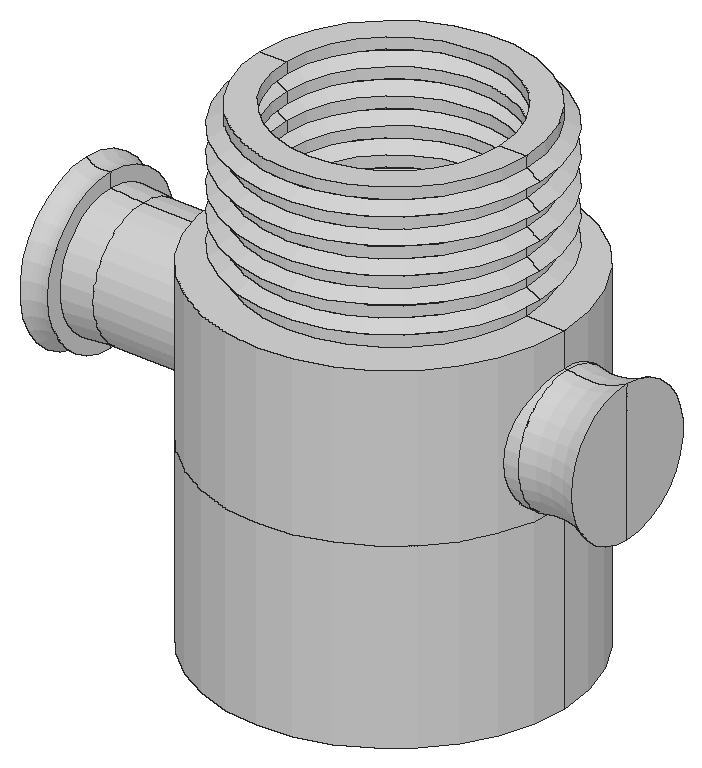
Revit family "VS-156", category Plumbing Fixtures, host Face, Revit 2023
Family settings
  Host = Face
  Round Connector Dimension = Use Diameter
  Part Type = Normal
  Enable Cutting in Views = Yes
  Cut with Voids When Loaded = No
  Maintain Annotation Orientation = No
  Shared = No
  Room Calculation Point = No
Parameters
  Finish = Stainless Steel, Polished
  Default Elevation = 48.00"
Reference planes (in)
  plane 1 "Center (Front/Back)": y = 0
  plane 2: z = 0
  plane 3 "Center (Left/Right)": x = 0
  plane 4: y = 0.48214
  plane 5: y = -0.48214
Forms (in)
  Revolve 1, solid, material "Stainless Steel, Polished" <- "Finish"
    sketch origin (6.45902, 0, -2.83652) x (1, 0, 0) y (0, 0, 1)
      loop
        line (-6.0836, 3.79061) -> (-6.0836, 3.82159) -> (-6.04578, 3.84342) -> (-6.0836, 3.86525) -> (-6.0836, 3.89623) -> (-6.04578, 3.91806) -> (-6.0836, 3.93989) -> (-6.0836, 3.97087) -> (-6.04578, 3.9927) -> (-6.0836, 4.01453) -> (-6.0836, 4.04551) -> (-6.04578, 4.06734) -> (-6.0836, 4.08917) -> (-6.0836, 4.12015) -> (-6.04578, 4.14198) -> (-6.0836, 4.16381) -> (-6.0836, 4.19479) -> (-6.15795, 4.19479) -> (-6.15795, 4.16381) -> (-6.12014, 4.14198) -> (-6.15795, 4.12015) -> (-6.15795, 4.08917) -> (-6.12014, 4.06734) -> (-6.15795, 4.04551) -> (-6.15795, 4.01453) -> (-6.12014, 3.9927) -> (-6.15795, 3.97087) -> (-6.15795, 3.93989) -> (-6.12014, 3.91806) -> (-6.15795, 3.89623) -> (-6.15795, 3.86525) -> (-6.12014, 3.84342) -> (-6.15795, 3.82159) -> (-6.15795, 3.79061) -> (-6.1892, 3.79061) -> (-6.1892, 3.75936) -> (-6.0138, 3.75936) -> (-6.0138, 2.83652) -> (-5.97688, 2.83652) -> (-5.97688, 3.3472) -> (-5.97688, 3.79061) -> (-6.0836, 3.79061)
      axis (-6.45902, 2.83652) -> (-6.45902, 4.19479)
    angle from 0 to 360
  Revolve 2, solid, material "Stainless Steel, Polished" <- "Finish"
    sketch origin (6.45902, 0, -2.83652) x (1, 0, 0) y (0, 0, 1)
      loop
        line (-7.32337, 3.7573) -> (-7.32337, 3.5215) -> (-6.87752, 3.5215) -> (-6.87752, 3.69642) -> (-7.16637, 3.69642)
        arc (-7.16637, 3.69642) -> (-7.21107, 3.69817) -> (-7.2555, 3.70341) r 0.57139
        line (-7.2555, 3.70341) -> (-7.2555, 3.74378)
        arc (-7.2555, 3.74378) -> (-7.29133, 3.741) -> (-7.32337, 3.7573) r 0.0664
      loop
        arc (-5.79975, 3.71793) -> (-5.88125, 3.69113) -> (-5.96688, 3.69642) r 0.22746
        line (-5.96688, 3.69642) -> (-6.05309, 3.69642) -> (-6.05309, 3.5215) -> (-5.79975, 3.5215) -> (-5.79975, 3.71793)
      axis (-5.79975, 3.5215) -> (-7.32337, 3.5215)
    angle from 0 to 360
Dimensions and locks (in)
  Revolve 1 to Revolve 1 = 1.35827"
  Revolve 2 to Revolve 2 = 1.52362"
  plane 4 to plane 5 = 0.96428"
  aligned and locked: host face to plane 2
  aligned and locked: level to host face
